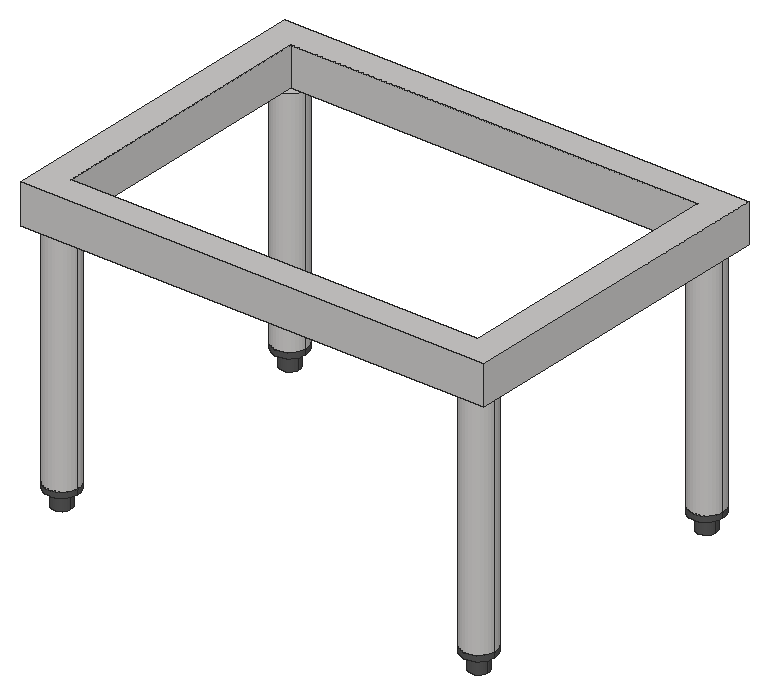
Revit family "QF_CAPIC_PT_W293012", category Equipement spécialisé, Revit 2018
Family settings
  Cote de connecteur circulaire = Utiliser le diamètre
  Type d'élément = Normal
  Numéro OmniClass = 23.40.40.14
  Titre OmniClass = Food Service Equipment
  Basée sur le plan de construction = Non
  Toujours verticalement = Oui
  Couper avec des vides une fois chargée = Non
  Partagée = Non
  Point de calcul de pièce = Non
Parameters (values of type "L=1000mm")
  URL catalogue = "http://www.capic-fr.com/fr/"
  Type de Raccord Plomberie [instance] = ""
  Type de Raccord Electrique [instance] = ""
  Type de Gaz = ""
  Type article [instance] = ""
  Tension = 0 V
  Spécification du Fabricant = ""
  Show Logo = yes
  Remarques evacuation [instance] = ""
  Remarques Plomberie [instance] = ""
  Remarques Electricité [instance] = ""
  Puissance électrique  = 0 W
  Puissance Gaz kW = 0
  Profondeur hors tout = 715 mm
  Pression Maximum Eau Adoucie = 0.0 Pa
  Poids net à vide = 70.00 kg
  Phase = 0
  Modèle = "W293012"
  Longueur hors tout = 1000 mm
  Intensité nominale = 0 A
  Hauteur hors tout = 630 mm
  Hauteur de Raccordement du Sol Finis = 0 mm
  Hauteur de Raccordement Gaz du Sol Finis = 0 mm
  Hauteur de Raccordement Evacuation Directe du Sol Finis = 0 mm
  Hauteur de Raccordement Eau Froide du Sol Finis = 0 mm
  Hauteur de Raccordement Eau Chaude du Sol Finis = 0 mm
  Hauteur de Raccordement Eau Adoucie du Sol Finis = 0 mm
  Fréquence = 0 Hz
  Fabricant = "CAPIC"
  Débit d'air d'extraction = 0.0 m³/h
  Débit Gaz = 0.0 L/s
  Débit Eau Froide = 0.0 L/s
  Débit Eau Chaude = 0.0 L/s
  Débit Eau Adoucie = 0.0 L/s
  Diamètre de Raccordement Gaz = 0 mm
  Diamètre de Raccordement Evacuation = 0 mm
  Diamètre de Raccordement Eau Froide = 0 mm
  Diamètre de Raccordement Eau Chaude = 0 mm
  Diamètre de Raccordement Eau Adoucie = 0 mm
  Description = "Pietement tubes ronds"
  Assembly Code = ""
  Classification  Omniclass nombre et titre = "23.40.40.14"
Reference planes
  plane 1 "Centre (avant/arrière)": y = 0
  plane 2: z = 0
  plane 3 "Centre (gauche/droite)": x = 0
  plane 4 "Centre G/E": y = 0
  plane 5: y = -838
  plane 6: z = 630
  plane 7: y = -123
  plane 8: x = 1000
  plane 9: z = 546
  plane 10: y = -173
  plane 11: y = -788
  plane 12: x = 50
  plane 13: x = 950
  plane 14: z = 46
Forms (mm)
  Extrusion 1, solid, material "QF_Stainless Steel-Brushed"
    sketch origin (4267.2, -1071.386, 630) x (0, -1, 0) y (1, 0, 0)
      loop
        line (-948.386, -4267.2) -> (-233.386, -4267.2) -> (-233.386, -3267.2) -> (-948.386, -3267.2) -> (-948.386, -4267.2)
      loop
        line (-888.386, -3327.2) -> (-888.386, -4207.2) -> (-293.386, -4207.2) -> (-293.386, -3327.2) -> (-888.386, -3327.2)
    from 0 to -84
  Extrusion 2, solid, material "QF_Stainless Steel-Brushed"
    sketch origin (0, 0, 0) x (1, 0, 0) y (0, 1, 0)
      loop
        circle (50, -173) r 35
    from 46 to 546
  Revolve 3, solid, material "QF_Plastic-Black"
    sketch origin (-199.347, -173, 4000) x (-1, 0, 0) y (0, 0, 1)
      loop
        line (-284.347, -3954) -> (-284.347, -3966) -> (-269.347, -3966) -> (-269.347, -4000) -> (-249.347, -4000) -> (-249.347, -3954) -> (-284.347, -3954)
      axis (-249.347, -4000) -> (-249.347, -3954)
    angle from 0 to 360
  Extrusion 4, solid, material "QF_Stainless Steel-Brushed"
    sketch origin (220, 0, 0) x (1, 0, 0) y (0, 1, 0)
      loop
        circle (730, -173) r 35
    from 46 to 546
  Revolve 5, solid, material "QF_Plastic-Black"
    sketch origin (160.653, -173, 4000) x (-1, 0, 0) y (0, 0, 1)
      loop
        line (-824.347, -3954) -> (-824.347, -3966) -> (-809.347, -3966) -> (-809.347, -4000) -> (-789.347, -4000) -> (-789.347, -3954) -> (-824.347, -3954)
      axis (-789.347, -4000) -> (-789.347, -3954)
    angle from 0 to 360
  Extrusion 6, solid, material "QF_Stainless Steel-Brushed"
    sketch origin (0, -615, 0) x (1, 0, 0) y (0, 1, 0)
      loop
        circle (50, -173) r 35
    from 46 to 546
  Revolve 7, solid, material "QF_Plastic-Black"
    sketch origin (-133.843, -788, 4000) x (-1, 0, 0) y (0, 0, 1)
      loop
        line (-218.843, -3954) -> (-218.843, -3966) -> (-203.843, -3966) -> (-203.843, -4000) -> (-183.843, -4000) -> (-183.843, -3954) -> (-218.843, -3954)
      axis (-183.843, -4000) -> (-183.843, -3954)
    angle from 0 to 360
  Extrusion 8, solid, material "QF_Stainless Steel-Brushed"
    sketch origin (230, -615, 0) x (1, 0, 0) y (0, 1, 0)
      loop
        circle (720, -173) r 35
    from 46 to 546
  Revolve 9, solid, material "QF_Plastic-Black"
    sketch origin (-133.843, -788, 4000) x (-1, 0, 0) y (0, 0, 1)
      loop
        line (-1118.843, -3954) -> (-1118.843, -3966) -> (-1103.843, -3966) -> (-1103.843, -4000) -> (-1083.843, -4000) -> (-1083.843, -3954) -> (-1118.843, -3954)
      axis (-1083.843, -4000) -> (-1083.843, -3954)
    angle from 0 to 360
Dimensions and locks
  locked: plane 7 to Extrusion 1 sketch curve at 60
  locked: Extrusion 1 sketch curve to plane 5 at 60
  locked: plane 3 "Centre (gauche/droite)" to Extrusion 1 sketch curve at 60
  locked: Extrusion 1 sketch curve to plane 8 at 60
  "Longueur hors tout": plane 3 "Centre (gauche/droite)" to plane 8
  "Hauteur hors tout": plane 6 to level
  locked: plane 6 to plane 9 at 84
  locked: plane 7 to plane 10 at 50
  locked: plane 11 to plane 5 at 50
  locked: plane 3 "Centre (gauche/droite)" to plane 12 at 50
  locked: plane 13 to plane 8 at 50
  locked: plane 9 to plane 14 at 500
  locked: Revolve 3 sketch curve to plane 12 at 35
  locked: plane 14 to Revolve 3 sketch curve at 12
  locked: Revolve 3 sketch curve to plane 12 at 20
  Revolve 5 sketch curve to Revolve 5 sketch curve to plane 13 = 15 mm locked, 20 mm locked
  "Profondeur hors tout": plane 7 to plane 5
  locked: plane 14 to Revolve 5 sketch curve at 12
  locked: Revolve 7 sketch curve to plane 12 at 20
  locked: Revolve 7 sketch curve to plane 12 at 35
  locked: Revolve 3 to plane 14 at 12
  locked: plane 14 to Revolve 5 at 12
  locked: Revolve 9 sketch curve to plane 13 at 20
  locked: Revolve 9 sketch curve to plane 13 at 35
  aligned and locked: level to plane 2
  aligned and locked: Extrusion 1 sketch curve to plane 7
  aligned and locked: plane 3 "Centre (gauche/droite)" to Extrusion 1 sketch curve
  aligned and locked: plane 5 to Extrusion 1 sketch curve
  aligned and locked: Extrusion 1 sketch curve to plane 8
  aligned and locked: Extrusion 1 to plane 9
  aligned and locked: plane 6 to Extrusion 1
  aligned and locked: plane 9 to Extrusion 2
  aligned and locked: Extrusion 2 to plane 14
  aligned and locked: plane 12 to Extrusion 2 sketch curve
  aligned and locked: plane 10 to Extrusion 2 sketch curve
  aligned and locked: level to Revolve 3 sketch curve
  aligned and locked: plane 12 to Revolve 3 sketch curve
  aligned and locked: Revolve 3 sketch curve to plane 14
  aligned and locked: plane 13 to Extrusion 4 sketch curve
  aligned and locked: plane 10 to Extrusion 4 sketch curve
  aligned and locked: plane 13 to Revolve 5 sketch curve  (x2)
  aligned and locked: level to Revolve 5 sketch curve
  aligned and locked: plane 14 to Revolve 5 sketch curve
  aligned and locked: plane 12 to Extrusion 6 sketch curve
  aligned and locked: plane 11 to Extrusion 6 sketch curve
  aligned and locked: plane 9 to Extrusion 6
  aligned and locked: Extrusion 6 to plane 14
  aligned and locked: plane 14 to Revolve 7 sketch curve
  aligned and locked: Revolve 7 sketch curve to level
  aligned and locked: plane 9 to Extrusion 4
  aligned and locked: Extrusion 4 to plane 14
  aligned and locked: plane 13 to Extrusion 8 sketch curve
  aligned and locked: plane 11 to Extrusion 8 sketch curve
  aligned and locked: Revolve 3 to plane 14
  aligned and locked: Extrusion 8 to Extrusion 1
  aligned and locked: plane 14 to Revolve 9 sketch curve
  aligned and locked: level to Revolve 9 sketch curve
  aligned and locked: plane 14 to Extrusion 8
Automatic sketch dimensions
  Revolve 3 sketch curve to plane 12 = 0 mm
  Revolve 3 sketch curve to level = 0 mm
  Revolve 3 sketch curve to plane 14 = 0 mm
  Revolve 5 sketch curve to level = 0 mm
  Revolve 5 sketch curve to plane 14 = 0 mm
  Revolve 9 sketch curve to plane 13 = 0 mm  (x2)
  Revolve 9 sketch curve to plane 14 = 12 mm
  Revolve 9 sketch curve to level = 88.15 mm
  Revolve 9 sketch curve to Revolve 9 sketch curve = 37 mm
  Revolve 7 sketch curve to plane 12 = 0 mm  (x2)
  Revolve 7 sketch curve to plane 14 = 12 mm
  Revolve 7 sketch curve to level = 25 mm
  Revolve 7 sketch curve to Revolve 7 sketch curve = 12 mm
  radius of Extrusion 2 sketch curve = 35 mm
  radius of Extrusion 4 sketch curve = 35 mm
  radius of Extrusion 6 sketch curve = 35 mm
  radius of Extrusion 8 sketch curve = 35 mm
